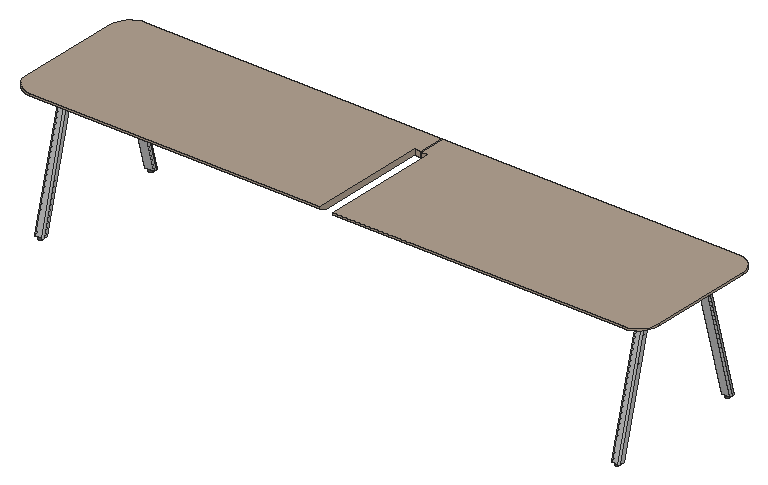
Revit family "Haworth_ActiveComponents_RectangleConvergentHalfConferenceEnd_BUILD2", category Furniture Systems, Revit 2015
Parameters (values of type "33d 72w")
  Worksurface Finish [instance] = Haworth _ Wood _ Light Maple VP-LM
  With Leg = yes
  Width = 72"
  Warranty = "https://www.haworth.com/resources/product-info/warranties"
  URL - Product = "https://www.haworth.com/products/workspaces/accessories/active-components"
  URL = "www.haworth.com"
  Thickness = 1 3/16"  # constant formula
  Radius = 3"  # constant formula
  Min. Width = 60"  # constant formula
  Min. Depth = 33"  # constant formula
  Max. Width = 72"  # constant formula
  Size = "Verify Final Dim. w/ Haworth"  # constant formula
  Revision Number = "1"  # constant formula
  Model = "WAYJ"  # constant formula
  Max. Depth = 33"  # constant formula
  Manufacturer = "Haworth"  # constant formula
  Leg Finish [instance] = Haworth _ Paint _ Metallic Champagne
  Leg F/B Offset = 8 1/8"  # constant formula
  Description = "Haworth - Active Components - Rectangular Convergent Half Conference End"  # constant formula
  Depth = 33"  # constant formula
  Author = "Haworth (Alias)"  # constant formula
  Assembly Code = "E2020200"
  Angled Leg Offset = 5 3/8"  # constant formula
  Actual Width = if(Width < Min. Width, Min. Width, if(Width > Max. Width, Max. Width, Width))  # 72"
  Actual Height = 29 3/16"  # constant formula
  Actual Depth = if(Depth < Min. Depth, Min. Depth, if(Depth > Max. Depth, Max. Depth, Depth))  # 33"
Types (2): name | Width | Actual Width
  33d 72w | 72" | 72"
  33d 60w | 60" | 60"
Reference planes (in)
  plane 1: z = 0
  plane 2 "Mid Right Side": x = 17.5
  plane 3 "Center F/B": y = -5.17681
  plane 4 "End Front": y = -21.67681
  plane 5 "End Back": y = 11.32319
  plane 6 "End Right": x = 53.5
  plane 7 "Top": z = 29.1875
  plane 8: x = -18.5
  plane 9 "Mid Left Side": x = -54.5
  plane 10 "End Left": x = -90.5
  plane 11: y = -13.55181
  plane 12: y = 3.19819
  plane 13: x = -85.125
  plane 14: x = 48.125
Dimensions and locks (in)
  "Actual Depth": plane 5 "End Back" to plane 4 "End Front"
  equal spacing: plane 4 "End Front", plane 3 "Center F/B", plane 5 "End Back"
  "Actual Height": plane 7 "Top" to plane 1
  "Actual Width": plane 10 "End Left" to plane 8
  "Actual Width": plane 8 to plane 6 "End Right"
  equal spacing: plane 10 "End Left", plane 9 "Mid Left Side", plane 8
  equal spacing: plane 8, plane 2 "Mid Right Side", plane 6 "End Right"
  "Angled Leg Offset": plane 14 to plane 6 "End Right"
  "Angled Leg Offset": plane 10 "End Left" to plane 13
  "Leg F/B Offset": plane 12 to plane 5 "End Back"
  "Leg F/B Offset": plane 11 to plane 4 "End Front"
  aligned and locked: plane 1 to nested 1
  aligned and locked: nested 2 to plane 1
  aligned and locked: nested 4 to plane 1
  aligned and locked: plane 1 to nested 3
  aligned and locked: plane 8 to nested 4
  aligned and locked: plane 8 to nested 3
  aligned and locked: plane 3 "Center F/B" to nested 3
  aligned and locked: nested 4 to plane 3 "Center F/B"
  aligned and locked: plane 11 to nested 5
  aligned and locked: plane 13 to nested 5
  aligned and locked: nested 6 to plane 13
  aligned and locked: nested 6 to plane 12
  aligned and locked: plane 14 to nested 2
  aligned and locked: nested 1 to plane 14
  aligned and locked: nested 1 to plane 11
  aligned and locked: plane 12 to nested 2
Nested families (in)
  nested 1: "Haworth_ActiveComponents_AngledLeg_BUILD" at (47.125, -21.48762, 0), visible <- "With Leg", type "Angled Leg"
  nested 2: "Haworth_ActiveComponents_AngledLeg_BUILD" at (47.125, 11.134, 0), visible <- "With Leg", type "Angled Leg"
  nested 3: "Haworth_ActiveComponents_RectangleConvergentHalfConferenceEnd_Part" at (0, 1.1875, 0), Worksurface Finish <- "Worksurface Finish", type "Worksurface"
    with Worksurface Finish Haworth _ Wood _ Light Maple VP-LM
  nested 4: "Haworth_ActiveComponents_RectangleConvergentHalfConferenceEnd_Part" at (-37, 1.1875, 0) x (-1, 0, 0) z (0, 0, 1), Worksurface Finish <- "Worksurface Finish", type "Worksurface"
    with Worksurface Finish Haworth _ Wood _ Light Maple VP-LM
  nested 5: "Haworth_ActiveComponents_AngledLeg_BUILD" at (-84.125, -21.48762, 0) x (-1, 0, 0) z (0, 0, 1), visible <- "With Leg", type "Angled Leg"
  nested 6: "Haworth_ActiveComponents_AngledLeg_BUILD" at (-84.125, 11.134, 0) x (-1, 0, 0) z (0, 0, 1), visible <- "With Leg", type "Angled Leg"
Definition of nested family "Haworth_ActiveComponents_AngledLeg_BUILD"
  Parameters (values of type "Angled Leg")
    Warranty = "https://www.haworth.com/resources/product-info/warranties"
    URL - Product = "https://www.haworth.com/products/workspaces/accessories/active-components"
    URL = "www.haworth.com"
    Trim Finish = none
    Revision = "1"  # constant formula
    Note = "Verify Final Dim. w/ Haworth"  # constant formula
    Model = "Haworth Active Components"  # constant formula
    Manufacturer = "Haworth"  # constant formula
    Leg Height = 28"  # constant formula
    Glide Finish = none
    Description = "Haworth Active Components - Angled Leg"  # constant formula
    Author = "Haworth (Alias)"  # constant formula
    Assembly Code = ""
  Reference planes (in)
    plane 1 "Front": y = 0
    plane 2 "Bottom": z = 0
    plane 3 "Center (Left/Right)": x = 0
    plane 4 "Glide End": z = 0.5
    plane 5 "Right": x = 1
    plane 6 "Left": x = -1
    plane 7: z = 28
    plane 8 "Back": y = 11.0625
    plane 9: z = 28
    plane 10: z = 27.764
    plane 11 "Top Middle": y = 7.93581
  Forms (in)
    Extrusion 1, solid, material <- "Glide Finish"
      sketch origin (0, 0, 0) x (1, 0, 0) y (0, 1, 0)
        loop
          circle (0, 0.625) r 0.5
      from 0 to 0.5
    Blend 2, solid, material <- "Trim Finish"
      base sketch origin (0, 0, 0) x (1, 0, 0) y (0, 1, 0)
        loop
          line (-0.625, 0) -> (0.625, 0)
          arc (0.625, 0) -> (0.89017, 0.10983) -> (1, 0.375) r 0.375
          line (1, 0.375) -> (1, 1.1875) -> (-1, 1.1875) -> (-1, 0.375)
          arc (-1, 0.375) -> (-0.89017, 0.10983) -> (-0.625, 0) r 0.375
      top sketch origin (0, 0, 0) x (1, 0, 0) y (0, 1, 0)
        loop
          line (-1, 8.52956) -> (-1, 7.71706)
          arc (-1, 7.71706) -> (-0.89017, 7.45189) -> (-0.625, 7.34206) r 0.375
          line (-0.625, 7.34206) -> (0.625, 7.34206)
          arc (0.625, 7.34206) -> (0.89017, 7.45189) -> (1, 7.71706) r 0.375
          line (1, 7.71706) -> (1, 8.52956) -> (-1, 8.52956)
      from 0.5 to 27.764
    Extrusion 3, solid, material <- "Trim Finish"
      sketch origin (0, 0, 0) x (1, 0, 0) y (0, 1, 0)
        loop
          arc (-3.39, 11.0625) -> (-3.65517, 10.95267) -> (-3.765, 10.6875) r 0.375
          line (-3.765, 10.6875) -> (-3.765, 7.43264)
          arc (-3.765, 7.43264) -> (-3.65517, 7.16748) -> (-3.39, 7.05764) r 0.375
          line (-3.39, 7.05764) -> (0.86, 7.05764)
          arc (0.86, 7.05764) -> (1.12517, 7.16748) -> (1.235, 7.43264) r 0.375
          line (1.235, 7.43264) -> (1.235, 10.6875)
          arc (1.235, 10.6875) -> (1.12517, 10.95267) -> (0.86, 11.0625) r 0.375
          line (0.86, 11.0625) -> (-3.39, 11.0625)
      from 27.764 to 28
  Lines and regions (in)
    Masking region 1, detail levels medium+fine
      outline origin (0, 0, 0) x (1, 0, 0) y (0, 1, 0)
        loop
          arc (-0.985, 0.40547) -> (-0.87035, 0.1231) -> (-0.5913, 0.00058) r 0.40505
          line (-0.5913, 0.00058) -> (0.57004, 0.00058)
          arc (0.57004, 0.00058) -> (0.86642, 0.1119) -> (0.985, 0.40544) r 0.39368
          line (0.985, 0.40544) -> (0.985, 8.52956) -> (-0.985, 8.52956) -> (-0.985, 0.40547)
    symbolic lines, detail levels medium+fine
      curve 1: line (-3.39, 7.05764, 0) -> (0.86, 7.05764, 0)
      curve 2: arc (0.86, 7.05764, 0) -> (1.12517, 7.16748, 0) -> (1.235, 7.43264, 0) r 0.375
      curve 3: line (1.235, 7.43264, 0) -> (1.235, 10.6875, 0)
      curve 4: arc (1.235, 10.6875, 0) -> (1.12517, 10.95267, 0) -> (0.86, 11.0625, 0) r 0.375
      curve 5: line (0.86, 11.0625, 0) -> (-3.39, 11.0625, 0)
      curve 6: arc (-3.39, 11.0625, 0) -> (-3.65517, 10.95267, 0) -> (-3.765, 10.6875, 0) r 0.375
      curve 7: line (-3.765, 10.6875, 0) -> (-3.765, 7.43264, 0)
      curve 8: arc (-3.765, 7.43264, 0) -> (-3.65517, 7.16748, 0) -> (-3.39, 7.05764, 0) r 0.375
  Dimensions and locks (in)
    level to plane 4 "Glide End" = 1/2"
    locked: plane 4 "Glide End" to plane 2 "Bottom" at 0.5
    "Leg Height": plane 7 to plane 2 "Bottom"
    equal spacing: plane 6 "Left", plane 3 "Center (Left/Right)", plane 5 "Right"
    locked: plane 6 "Left" to plane 5 "Right" at 2
    locked: plane 1 "Front" to plane 8 "Back" at 11.0625
    locked: plane 1 "Front" to Extrusion 1 sketch curve at 0.625
    locked: Blend 2 sketch curve to plane 1 "Front" at 1.1875
    locked: Blend 2 sketch curve to plane 8 "Back" at 2.53294
    locked: Blend 2 sketch curve to Blend 2 sketch curve at 1.1875
    locked: plane 9 to plane 10 at 0.236
    locked: Extrusion 3 sketch curve to Extrusion 3 sketch curve at 4.00486
    locked: plane 5 "Right" to Extrusion 3 sketch curve at 0.235
    locked: Extrusion 3 sketch curve to plane 6 "Left" at 2.765
    aligned and locked: Extrusion 1 to plane 2 "Bottom"
    aligned and locked: Extrusion 1 to plane 4 "Glide End"
    aligned and locked: plane 5 "Right" to Blend 2 sketch curve
    aligned and locked: plane 6 "Left" to Blend 2 sketch curve
    aligned and locked: Blend 2 sketch curve to plane 6 "Left"
    aligned and locked: Blend 2 sketch curve to plane 5 "Right"
    aligned and locked: plane 4 "Glide End" to Blend 2
    aligned and locked: plane 3 "Center (Left/Right)" to Extrusion 1 sketch curve
    aligned and locked: plane 1 "Front" to Blend 2 sketch curve
    aligned and locked: plane 10 to Blend 2
    aligned and locked: Extrusion 3 sketch curve to plane 8 "Back"
    aligned and locked: plane 9 to Extrusion 3
    aligned and locked: Extrusion 3 to plane 10
  Automatic sketch dimensions
    Blend 2 sketch curve to plane 6 "Left" = 3/8"  (x2)
    Blend 2 sketch curve to plane 5 "Right" = 3/8"  (x2)
    Extrusion 3 sketch curve to Extrusion 3 sketch curve = 3/8"
    Extrusion 3 sketch curve to plane 8 "Back" = 3/8"
    Extrusion 3 sketch curve to plane 5 "Right" = 0.14"  (x2)
    Masking region 1 sketch curve to plane 6 "Left" = 0.015"
    Masking region 1 sketch curve to plane 1 "Front" = 0.00058"
    Masking region 1 sketch curve to plane 6 "Left" = 0.4087"
    Masking region 1 sketch curve to Masking region 1 sketch curve = 0.40505"
    Masking region 1 sketch curve to plane 5 "Right" = 0.42996"
    Masking region 1 sketch curve to Masking region 1 sketch curve = 0.02145"
    Masking region 1 sketch curve to plane 5 "Right" = 0.015"
    Masking region 1 sketch curve to plane 1 "Front" = 0.39368"
    Masking region 1 sketch curve to plane 11 "Top Middle" = 19/32"
    curve 6 to plane 8 "Back" = 0"
    curve 7 to plane 8 "Back" = 3/8"
    plane 6 "Left" to curve 7 = 2.765"
    curve 7 to curve 8 = 3/8"
    curve 1 to plane 5 "Right" = 0.14"
    curve 4 to plane 5 "Right" = 0.14"
    plane 5 "Right" to curve 3 = 0.235"
    plane 11 "Top Middle" to curve 2 = 0.50317"
    radius of Extrusion 1 sketch curve = 1/2"
Definition of nested family "Haworth_ActiveComponents_RectangleConvergentHalfConferenceEnd_Part"
  Parameters (values of type "33d 72w")
    Worksurface Finish [instance] = none
    Warranty = "https://www.haworth.com/resources/product-info/warranties"
    URL - Product = "https://www.haworth.com/products/workspaces/accessories/active-components"
    URL = "www.haworth.com"
    Thickness = 1 3/16"  # constant formula
    Radius = 4 1/2"  # constant formula
    Min. Width = 60"  # constant formula
    Max. Width = 72"  # constant formula
    Size = "Verify Final Dim. w/ Haworth"  # constant formula
    Revision Number = "1"  # constant formula
    Model = "WAYJ"  # constant formula
    Manufacturer = "Haworth"  # constant formula
    Description = "Haworth - Active Components - Rectangle Convergent Half Conference End"  # constant formula
    Author = "Haworth (Alias)"  # constant formula
    Assembly Code = "E2020200"
    Actual Width = 72"
    Actual Height = 29 3/16"  # constant formula
    Actual Depth = 33"  # constant formula
  Types (2): name | Actual Width
    33d 72w | 72"
    33d 60w | 60"
  Reference planes (in)
    plane 1 "Bottom": z = 0
    plane 2 "Center L/R": x = 17.5
    plane 3 "Left Edge": x = -18.5
    plane 4 "Support Top": z = 29.1875
    plane 5 "Center F/B": y = -6.36431
    plane 6 "Front": y = -22.86431
    plane 7 "Knife Edge": y = -20.86431
    plane 8 "Knife Edge Seam": z = 28.8125
    plane 9 "Back": y = 10.13569
    plane 10 "Right Edge": x = 53.5
    plane 11 "Knife Edge 2": x = 51.5
    plane 12 "Knife Edge Back": y = 8.13569
    plane 13: y = 4.13569
    plane 14: x = -16.9375
    plane 15: z = 28
  Forms (in)
    Extrusion 1, solid, material <- "Worksurface Finish"
      sketch origin (0, 0, 0) x (1, 0, 0) y (0, 1, 0)
        loop
          arc (49, -22.86431) -> (52.18198, -21.54629) -> (53.5, -18.36431) r 4.5
          line (53.5, -18.36431) -> (53.5, 5.63569)
          arc (53.5, 5.63569) -> (52.18198, 8.81767) -> (49, 10.13569) r 4.5
          line (49, 10.13569) -> (-18.5, 10.13569) -> (-18.5, 4.13569) -> (-16.9375, 4.13569) -> (-16.9375, -22.86431) -> (49, -22.86431)
      from 28 to 29.1875
    Sweep 2, void
      path origin (0, 0, 0) x (1, 0, 0) y (0, 1, 0)
        loop
          line (-16.9375, -20.86431) -> (49, -20.86431)
          arc (49, -20.86431) -> (50.76777, -20.13208) -> (51.5, -18.36431) r 2.5
          line (51.5, -18.36431) -> (51.5, 5.63569)
          arc (51.5, 5.63569) -> (50.76777, 7.40346) -> (49, 8.13569) r 2.5
          line (49, 8.13569) -> (-18.5, 8.13569)
      profile origin (16.03125, -20.86431, 0) x (0, 1, 0) y (0, 0, 1)
        loop
          line (0, 28) -> (-2, 28.8125) -> (-2, 28) -> (0, 28)
  Cuts and joins
    Sweep 2 cuts Extrusion 1
  Lines and regions (in)
    Masking region 1
      outline origin (0, 0, 0) x (1, 0, 0) y (0, 1, 0)
        loop
          line (49, 10.13569) -> (-18.5, 10.13569) -> (-18.5, 4.13569) -> (-16.9375, 4.13569) -> (-16.9375, -22.86431) -> (49, -22.86431)
          arc (49, -22.86431) -> (52.18198, -21.54629) -> (53.5, -18.36431) r 4.5
          line (53.5, -18.36431) -> (53.5, 5.63569)
          arc (53.5, 5.63569) -> (52.18198, 8.81767) -> (49, 10.13569) r 4.5
  Dimensions and locks (in)
    locked: plane 4 "Support Top" to plane 8 "Knife Edge Seam" at 0.375
    "Actual Depth": plane 9 "Back" to plane 6 "Front"
    "Actual Width": plane 3 "Left Edge" to plane 10 "Right Edge"
    locked: plane 11 "Knife Edge 2" to plane 10 "Right Edge" at 2
    locked: plane 6 "Front" to plane 7 "Knife Edge" at 2
    equal spacing: plane 3 "Left Edge", plane 2 "Center L/R", plane 10 "Right Edge"
    locked: plane 12 "Knife Edge Back" to plane 9 "Back" at 2
    equal spacing: plane 6 "Front", plane 5 "Center F/B", plane 9 "Back"
    locked: plane 3 "Left Edge" to plane 14 at 1.5625
    locked: plane 13 to plane 9 "Back" at 6
    "Thickness": plane 15 to plane 4 "Support Top"
    "Actual Height": plane 4 "Support Top" to plane 1 "Bottom"
    "Radius": radius of Extrusion 1 sketch curve  (x2)
    "Radius": radius of Masking region 1 sketch curve  (x2)
    aligned and locked: Extrusion 1 sketch curve to plane 6 "Front"
    aligned and locked: Extrusion 1 sketch curve to plane 10 "Right Edge"
    aligned and locked: Extrusion 1 sketch curve to plane 9 "Back"
    aligned and locked: Sweep 2 sketch curve to plane 11 "Knife Edge 2"
    aligned and locked: Sweep 2 sketch curve to plane 7 "Knife Edge"
    aligned and locked: plane 3 "Left Edge" to Masking region 1 sketch curve
    aligned and locked: plane 9 "Back" to Masking region 1 sketch curve
    aligned and locked: plane 10 "Right Edge" to Masking region 1 sketch curve
    aligned and locked: plane 6 "Front" to Masking region 1 sketch curve
    aligned and locked: plane 12 "Knife Edge Back" to Sweep 2 sketch curve
    aligned and locked: plane 14 to Masking region 1 sketch curve
    aligned and locked: plane 13 to Masking region 1 sketch curve
    aligned and locked: plane 13 to Extrusion 1 sketch curve
    aligned and locked: Extrusion 1 sketch curve to plane 3 "Left Edge"
    aligned and locked: plane 14 to Extrusion 1 sketch curve
    aligned and locked: plane 3 "Left Edge" to Sweep 2 sketch curve
    aligned and locked: plane 14 to Sweep 2 sketch curve
    aligned and locked: plane 4 "Support Top" to cut or joined group of Extrusion 1, Sweep 2
    aligned and locked: plane 15 to cut or joined group of Extrusion 1, Sweep 2
    aligned and locked: plane 6 "Front" to Sweep 2 sketch curve
    aligned and locked: plane 15 to Sweep 2 sketch curve
    aligned and locked: plane 8 "Knife Edge Seam" to Sweep 2 sketch curve
  Automatic sketch dimensions
    plane 11 "Knife Edge 2" to Sweep 2 sketch curve = 2 1/2"
    Sweep 2 sketch curve to Sweep 2 sketch curve = 2 1/2"
    Sweep 2 sketch curve to profile plane = 0"
